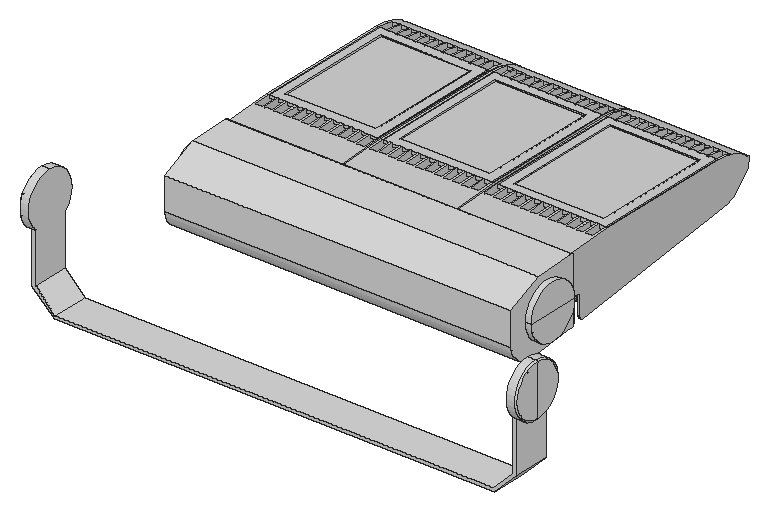
Revit family "0049127 Feilo Sylvania Lighting Fixture SYLVEO LED 30000LM NAR 3K", category Lighting Fixtures, host Face, Revit 2017
Family settings
  Host = Face
  Round Connector Dimension = Use Diameter
  Part Type = Normal
  OmniClass Number = 23.80.70.00
  OmniClass Title = Lighting
  Cut with Voids When Loaded = No
  Light Source = No
  Shared = Yes
  Room Calculation Point = No
Parameters (values of type "0049127 SYLVEO LED 30000LM NAR 3K")
  Weight = "15.872 kg"
  Wattage Comments = "n/a"
  WarrantyStartDate [instance] = "n/a"
  WarrantyGuarantorParts = "n/a"
  WarrantyDurationUnit = "n/a"
  WarrantyDurationParts = "n/a"
  WarrantyDescription = "n/a"
  Voltage = 230 V
  URL = "http://www.sylvania-lighting.com"
  TypeName = "SYLVEO LED 30000LM NAR 3K"
  TypeBody_FEILO = Sylveo Extra Large Body : 0049127 SYLVEO LED 30000LM NAR 3K
  Type Image = <None>
  Type Comments = "n/a"
  TotalWidth_FEILO = 648 mm
  TiltAngle_FEILO [instance] = 0.00°
  StartAngle_FEILO [instance] = -TiltAngle_FEILO  # 0.00°
  SerialNumber [instance] = "n/a"
  PowerFactor = 0
  PowerConsumption = "300.5 W"
  NominalWidth = 0 mm
  NominalLength = 648 mm
  NominalHeight = 392 mm
  Name = "SYLVEO LED 30000LM NAR 3K"
  ModelReference = "SYLVEO LED 30000LM NAR 3K"
  ModelNumber = "0049127"
  Material = "aluminium housing, glass diffuser"
  ManufacturerName = "Feilo Sylvania"
  LuminousEfficacy = "106.5 lm/W"
  LuminaireType = ""
  LightOutputRatio = "100"
  LampsType = Lamp  # "LED"
  LampNominalLuminous = "32003 lm"
  LampMacAdamStep = "6"
  LampColourTemperature = "3000 K"
  LampColourRenderingIndex = "70"
  InstallationDate [instance] = "n/a"
  InputVoltage = "100-240V~"
  InputNominalFrequency = "50 Hz"
  IngressProtection = "IP66"
  ImpactProtectionIndex = "IK08"
  IfcExportType = "IfcLightFixtureType"
  IfcExportAs = "IfcLightFixtureType"
  HingeHeight_FEILO = 121 mm
  HingeDia_FEILO = 70 mm
  ExpectedLife = 50000
  EndAngle_FEILO [instance] = StartAngle_FEILO + 180.00°  # 180.00°
  Material_3_FEILO = none
  Model = "SYLVEO LED 30000LM NAR 3K"
  Manufacturer = "Feilo Sylvania"
  Lamp = "LED"
  Keynote = "16500"
  Material_2_FEILO = none
  ElectricShockClassification = "Class I"
  DurationUnit = "hours"
  DocumentationLiterature = "http://www.sylvania-lighting.com/product/en-int/products/0049127"
  DimmingControlOptions = "Non dimmable"
  Description = "Exterior LED Floodlight, comes complete with a 1000mm cable and adjustable bracket, aluminium housing, clear glass diffuser, IP66, IK08, Class I, 3000K, Non-dimming, 32003lm, 301W, 107lm/W, 8400mA, CRI70, 30° beam angle,50000hrs, (LxWxD) 98x648x392mm"
  Default Elevation = 1219.2 mm
  CreatedOn = "12/18/2017"
  CreatedBy = ""
  Cost = 0
  built-in parameter 1114216 [instance] = (empty or 0)
  ClassificationValue = "EF_70_80"
  ClassificationName = "Uniclass2015"
  BracketWidth_FEILO = 48 mm
  BracketThickness_FEILO = 4.5 mm
  BracketInnerWidth_FEILO = 623 mm
  BracketFold_FEILO = 30 mm
  BracketExtrusionStart_FEILO = -BracketWidth_FEILO / 2  # -24 mm
  BracketExtrusionEnd_FEILO = BracketWidth_FEILO / 2  # 24 mm
  Material_1_FEILO = Body-Sylvania-Sylveo-Aluminium
  BarCode [instance] = "n/a"
  AssetType = "Fixed"
  AssetIdentifier [instance] = "n/a"
  Assembly Code = "D5020200"
  Apparent Load = 300.5 VA
  Material_4_FEILO = none
Reference planes
  plane 1 "Center (Front/Back)": y = 0
  plane 2: z = 0
  plane 3 "Center (Left/Right)": x = 0
  plane 4: x = 311.5
  plane 5: x = -311.5
  plane 6: z = 121
  plane 7: x = 324
  plane 8: x = -324
  plane 9: z = 156
  plane 10: z = 86
  plane 11: x = 322
  plane 12: x = -322
  plane 13: x = 316
  plane 14: x = -316
  plane 15: z = 4.5
  plane 16: z = 30
  plane 17: x = 286
  plane 18: x = -286
  plane 19: z = 88
Forms (mm)
  Extrusion 1, solid, material "Body-Sylvania-Sylveo-Aluminium" <- "Material_1_FEILO"
    sketch origin (0, 0, 0) x (1, 0, 0) y (0, 0, 1)
      loop
        line (0, 4.5) -> (0, 0) -> (286.828, 0) -> (316, 29.172) -> (316, 121) -> (311.5, 121) -> (311.5, 30) -> (286, 4.5) -> (0, 4.5)
    from -24 <- "BracketExtrusionStart_FEILO" to 24 <- "BracketExtrusionEnd_FEILO"
  Extrusion 2, solid, material "Body-Sylvania-Sylveo-Aluminium" <- "Material_1_FEILO"
    sketch origin (0, 0, 0) x (-1, 0, 0) y (0, 0, -1)
      loop
        line (0, -4.5) -> (286, -4.5) -> (311.5, -30) -> (311.5, -121) -> (316, -121) -> (316, -29.172) -> (286.828, 0) -> (0, 0) -> (0, -4.5)
    from -24 <- "BracketExtrusionStart_FEILO" to 24 <- "BracketExtrusionEnd_FEILO"
  Revolve 3, solid, material "Body-Sylvania-Sylveo-Aluminium" <- "Material_1_FEILO"
    sketch origin (0, 0, 0) x (1, 0, 0) y (0, 0, 1)
      loop
        line (-311.5, 121) -> (-324, 121) -> (-324, 88) -> (-322, 86) -> (-311.5, 86) -> (-311.5, 121)
      axis (-311.5, 121) -> (-324, 121)
    angle from 0 to 360
  Revolve 4, solid, material "Body-Sylvania-Sylveo-Aluminium" <- "Material_1_FEILO"
    sketch origin (0, 0, 0) x (-1, 0, 0) y (0, 0, 1)
      loop
        line (-311.5, 121) -> (-324, 121) -> (-324, 88) -> (-322, 86) -> (-311.5, 86) -> (-311.5, 121)
      axis (-311.5, 121) -> (-324, 121)
    angle from 0 to 360
  Revolve 5, solid, not visible
    sketch origin (181.107, 0, 121) x (1, 0, 0) y (0, 1, 0)
      loop
        line (-191.101, 0) -> (-171.112, 0) -> (-171.112, 10) -> (-191.101, 10) -> (-191.101, 0)
      axis (-171.112, 0) -> (-191.101, 0)
    angle from 0 <- "StartAngle_FEILO" to 180 <- "EndAngle_FEILO"
Cuts and joins
  joined: Extrusion 1, Extrusion 2, Revolve 3, Revolve 4
Dimensions and locks
  equal spacing: plane 5, plane 3 "Center (Left/Right)", plane 4
  "BracketInnerWidth_FEILO": plane 5 to plane 4
  equal spacing: plane 7, plane 3 "Center (Left/Right)", plane 8
  "TotalWidth_FEILO": plane 7 to plane 8
  "HingeHeight_FEILO": plane 2 to plane 6
  equal spacing: plane 10, plane 6, plane 9
  "HingeDia_FEILO": plane 10 to plane 9
  equal spacing: plane 11, plane 3 "Center (Left/Right)", plane 12
  equal spacing: plane 13, plane 3 "Center (Left/Right)", plane 14
  "BracketFold_FEILO": plane 2 to plane 16
  "BracketThickness_FEILO": plane 2 to plane 15
  equal spacing: plane 17, plane 3 "Center (Left/Right)", plane 18
  locked: plane 19 to plane 10 at 2
  locked: Revolve 5 sketch curve to Revolve 5 sketch curve at 10
  equal spacing: Revolve 5 sketch curve, plane 3 "Center (Left/Right)", Revolve 5 sketch curve
  locked: Revolve 5 sketch curve to Revolve 5 sketch curve at 19.988
  locked: plane 7 to plane 11 at 2
  "BracketFold_FEILO": plane 13 to plane 17
  "BracketThickness_FEILO": plane 4 to plane 13
  aligned and locked: plane 2 to host face
  aligned and locked: level to host face
  aligned and locked: plane 10 to Revolve 3 sketch curve
  aligned and locked: Revolve 3 sketch curve to plane 8
  aligned and locked: plane 5 to Revolve 3 sketch curve
  aligned and locked: Revolve 3 sketch curve to plane 6  (x2)
  aligned and locked: Revolve 5 sketch curve to plane 1 "Center (Front/Back)"
  aligned and locked: plane 3 "Center (Left/Right)" to nested 1
Automatic sketch dimensions
  host sketch curve to host sketch curve = 2438.4 mm  (x2)
  Extrusion 1 sketch curve to plane 3 "Center (Left/Right)" = 0 mm  (x2)
  Extrusion 1 sketch curve to level = 0 mm  (x2)
  Extrusion 1 sketch curve to plane 15 = 0 mm
  Extrusion 1 sketch curve to plane 17 = 0 mm
  plane 4 to Extrusion 1 sketch curve = 0 mm
  Extrusion 1 sketch curve to plane 13 = 0 mm  (x2)
  Extrusion 1 sketch curve to plane 6 = 0 mm  (x2)
  Extrusion 1 sketch curve to plane 16 = 0 mm
  plane 17 to Extrusion 1 sketch curve = 0.828 mm
  Extrusion 1 sketch curve to plane 16 = 0.828 mm
  Extrusion 2 sketch curve to plane 3 "Center (Left/Right)" = 0 mm  (x2)
  Extrusion 2 sketch curve to level = 0 mm  (x2)
  Extrusion 2 sketch curve to plane 15 = 0 mm
  plane 18 to Extrusion 2 sketch curve = 0 mm
  plane 5 to Extrusion 2 sketch curve = 0 mm
  plane 14 to Extrusion 2 sketch curve = 0 mm  (x2)
  Extrusion 2 sketch curve to plane 6 = 0 mm  (x2)
  Extrusion 2 sketch curve to plane 16 = 0 mm
  Extrusion 2 sketch curve to plane 18 = 0.828 mm
  plane 16 to Extrusion 2 sketch curve = 0.828 mm
  plane 12 to Revolve 3 sketch curve = 0 mm
  Revolve 3 sketch curve to plane 19 = 0 mm
  plane 8 to Revolve 3 sketch curve = 77.715 mm
  plane 7 to Revolve 3 sketch curve = 78.607 mm
  Revolve 4 sketch curve to plane 6 = 0 mm  (x2)
  Revolve 4 sketch curve to plane 7 = 0 mm
  Revolve 4 sketch curve to plane 10 = 0 mm
  Revolve 4 sketch curve to plane 11 = 0 mm
  plane 4 to Revolve 4 sketch curve = 0 mm
  Revolve 4 sketch curve to plane 19 = 0 mm
  Revolve 4 sketch curve to Revolve 4 sketch curve = 77.715 mm
  Revolve 4 sketch curve to plane 8 = 78.607 mm
  plane 1 "Center (Front/Back)" to Revolve 5 sketch curve = 0 mm
  plane 8 to Revolve 5 sketch curve = 1421.5 mm
  plane 7 to Revolve 5 sketch curve = 1421.5 mm
Nested families
  nested 1: "Sylveo Extra Large Body" at (0, 137.375, 121), type <- "TypeBody_FEILO", type "0049127 SYLVEO LED 30000LM NAR 3K"
    with Apparent Load 300.5 VA
Connectors
  electrical at (0, 0, 0), driven by "Apparent Load"
    settings: index 1, voltage 230 V, apparent load 300.5 VA, apparent load phase1 0 VA, apparent load phase2 0 VA, apparent load phase3 0 VA, power factor 0, load classification "Lighting", number of poles 1, system type 30, power factor state 1, is connector primary yes, connector utility no, sub classification motor no, connector description ""
Definition of nested family "Sylveo Extra Large Body"
  Parameters (values of type "0049147 SYLVEO LED 20000LM RASYM 4K DALI ")
    Weight = "11.516 kg"
    Wattage Comments = ""
    Wattage = 202 W
    WarrantyStartDate [instance] = "n/a"
    WarrantyGuarantorParts = "n/a"
    WarrantyDurationUnit = "n/a"
    WarrantyDurationParts = "n/a"
    WarrantyDescription = "n/a"
    built-in parameter 1150110 = 1 (stored number, unit not read)
    Voltage = 230 V
    URL = "http://www.feilosylvania.com"
    TypeName = "SYLVEO LED 20000LM RASYM 4K DALI"
    Type Image = (empty or 0)
    Type Comments = "n/a"
    built-in parameter 1114217 = 1 (stored number, unit not read)
    Tilt Angle = -90.00°
    built-in parameter 1150109 = 1 (stored number, unit not read)
    built-in parameter 1150134 = 12
    built-in parameter 1150113 = 1 (stored number, unit not read)
    SerialNumber [instance] = "n/a"
    Photometric Web File = "0049147.ies"
    Material_3_FEILO = none
    PowerFactor = 0.95
    PowerConsumption = "202 W"
    NominalLength = 98 mm
    NominalHeight = 392 mm
    NominalDepth = 496 mm
    Name = "SYLVEO LED 20000LM RASYM 4K DALI"
    ModelReference = Name  # "SYLVEO LED 20000LM RASYM 4K DALI"
    ModelNumber = "0049147"
    Model = Name  # "SYLVEO LED 20000LM RASYM 4K DALI"
    Material = "aluminum housing, glass diffuser"
    ManufacturerName = "Feilo Sylvania"
    Manufacturer = "Feilo Sylvania"
    LuminousEfficacy = "106.6 lm/W"
    built-in parameter 1150105 = 11127.1 (stored number, unit not read)
    Lumens = 21533.2 lm
    LuminaireType = ""
    built-in parameter 1150115 = 1 (stored number, unit not read)
    LightOutputRatio = "1"
    built-in parameter 1150137 = (empty or 0)
    built-in parameter 1150139 = (empty or 0)
    LampsType = Lamp  # "LED"
    LampNominalLuminous = "21542 lm"
    LampMacAdamStep = "6"
    LampColourTemperature = "4000 K"
    LampColourRenderingIndex = "70"
    built-in parameter 1150112 = 1 (stored number, unit not read)
    built-in parameter 1150114 = 1 (stored number, unit not read)
    Lamp = "LED"
    Keynote = "16500"
    InstallationDate [instance] = "n/a"
    InputVoltage = "100-240V~"
    InputNominalFrequency = "50/60 Hz"
    built-in parameter 1150132 = (empty or 0)
    built-in parameter 1150102 = (empty or 0)
    built-in parameter 1150107 = 4000 (stored number, unit not read)
    built-in parameter 1150138 = (empty or 0)
    IngressProtection = "IP66"
    ImpactProtectionIndex = "IK08"
    built-in parameter 1150106 = 111.27 (stored number, unit not read)
    IfcExportType = "IfcLightFixtureType"
    IfcExportAs = "IfcLightFixtureType"
    ExpectedLife = 50000
    Emit from Rectangle Width = 156 mm
    Emit from Rectangle Length = 415.5 mm
    Emit Shape Visible in Rendering = no
    ElectricShockClassification = "Class I"
    built-in parameter 1150104 = 9.9035 (stored number, unit not read)
    DurationUnit = "hours"
    DocumentationLiterature = "http://www.feilosylvania.com/product/en-int/products/0049147"
    DimmingControlOptions = "Dimmable"
    Material_2_FEILO = none
    Dimming Lamp Color Temperature Shift = (empty or 0)
    Description = "Exterior LED floodlight, comes complete with a 1000mm cable and adjustable bracket, aluminium housing, clear glass diffuser, 21542lm, 201W, 107lm/W, 4000K, 5002mA, CRI70, 52°x117° beam angle, DALI dimmable, IP66, IK08, Class I, 50000hrs, (LxWxD) 98x496x392mm"
    Default Elevation = 1219.2 mm
    CreatedOn = "1/9/2018"
    CreatedBy = "aron.fodor@feilosylvania.com"
    Cost = 0
    Color Filter = 16777215
    built-in parameter 1114216 [instance] = (empty or 0)
    ClassificationValue = "EF_70_80"
    ClassificationName = "Uniclass2015"
    Material_1_FEILO = none
    BarCode [instance] = "n/a"
    built-in parameter 1114218 = 1 (stored number, unit not read)
    built-in parameter 1150133 = 10 (stored number, unit not read)
    AssetType = "Fixed"
    AssetIdentifier [instance] = "n/a"
    Assembly Code = "D5020200"
    Apparent Load = 202 VA
    Material_4_FEILO = none
  Types (9, lengths in mm): name | Weight | Wattage | TypeName | built-in parameter 1150134 | Photometric Web File | PowerFactor | PowerConsumption | NominalLength | NominalDepth | Name | ModelReference | ModelNumber | Model | Material | LuminousEfficacy | built-in parameter 1150105 | Lumens | LightOutputRatio | LampNominalLuminous | LampColourTemperature | InputNominalFrequency | built-in parameter 1150107 | built-in parameter 1150106 | built-in parameter 1150104 | DocumentationLiterature | DimmingControlOptions | Description | Apparent Load
    0049147 SYLVEO LED 20000LM RASYM 4K DALI | "11.516 kg" | 202 W | "SYLVEO LED 20000LM RASYM 4K DALI" | 12 | "0049147.ies" | 0.95 | "202 W" | 98 | 496 | "SYLVEO LED 20000LM RASYM 4K DALI" | "SYLVEO LED 20000LM RASYM 4K DALI" | "0049147" | "SYLVEO LED 20000LM RASYM 4K DALI" | "aluminum housing, glass diffuser" | "106.6 lm/W" | 11127.1 (stored number, unit not read) | 21533.2 lm | "1" | "21542 lm" | "4000 K" | "50/60 Hz" | 4000 (stored number, unit not read) | 111.27 (stored number, unit not read) | 9.9035 (stored number, unit not read) | "http://www.feilosylvania.com/product/en-int/products/0049147" | "Dimmable" | "Exterior LED floodlight, comes complete with a 1000mm cable and adjustable bracket, aluminium housing, clear glass diffuser, 21542lm, 201W, 107lm/W, 4000K, 5002mA, CRI70, 52°x117° beam angle, DALI dimmable, IP66, IK08, Class I, 50000hrs, (LxWxD) 98x496x392mm" | 202 VA
    0049146 SYLVEO LED 20000LM WIDE 4K DALI | "11.516 kg" | 200 W | "SYLVEO LED 20000LM WIDE 4K DALI" | 12 | "0049146.ies" | 0.95 | "200 W" | 98 | 496 | "SYLVEO LED 20000LM WIDE 4K DALI" | "SYLVEO LED 20000LM WIDE 4K DALI" | "0049146" | "SYLVEO LED 20000LM WIDE 4K DALI" | "aluminum housing, glass diffuser" | "106.4 lm/W" | 25856.7 (stored number, unit not read) | 21280 lm | "1" | "21281 lm" | "4000 K" | "50/60 Hz" | 4000 (stored number, unit not read) | 258.57 (stored number, unit not read) | 9.8849 (stored number, unit not read) | "http://www.feilosylvania.com/product/en-int/products/0049146" | "Dimmable" | "Exterior LED floodlight, comes complete with a 1000mm cable and adjustable bracket, aluminium housing, clear glass diffuser, 21281lm, 200W, 106lm/W, 4000K, 5002mA, CRI70, 52° beam angle, DALI dimmable, IP66, IK08, Class I, 50000hrs, (LxWxD) 98x496x392mm" | 200 VA
    0049145 SYLVEO LED 20000LM NAR 4K DALI | "11.516 kg" | 201 W | "SYLVEO LED 20000LM NAR 4K DALI" | 12 | "0049145.ies" | 0.95 | "201 W" | 98 | 496 | "SYLVEO LED 20000LM NAR 4K DALI" | "SYLVEO LED 20000LM NAR 4K DALI" | "0049145" | "SYLVEO LED 20000LM NAR 4K DALI" | "aluminum housing, glass diffuser" | "107.5 lm/W" | 50417.9 (stored number, unit not read) | 21607.5 lm | "1" | "21605 lm" | "4000 K" | "50/60 Hz" | 4000 (stored number, unit not read) | 504.18 (stored number, unit not read) | 9.9871 (stored number, unit not read) | "http://www.feilosylvania.com/product/en-int/products/0049145" | "Dimmable" | "Exterior LED floodlight, comes complete with a 1000mm cable and adjustable bracket, aluminium housing, clear glass diffuser, 21605lm, 201W, 108lm/W, 4000K, 5002mA, CRI70, 30° beam angle, DALI dimmable, IP66, IK08, Class I, 50000hrs, (LxWxD) 98x496x392mm" | 201 VA
    0049123 SYLVEO LED 20000LM RASYM 3K | "11.516 kg" | 201.3 W | "SYLVEO LED 20000LM RASYM 3K" | (empty or 0) | "0049123.ies" | 0 | "201.3 W" | 496 | 98 | "SYLVEO LED 20000LM RASYM 3K" | "SYLVEO LED 20000LM RASYM 3K" | "0049123" | "SYLVEO LED 20000LM RASYM 3K" | "aluminium housing, glass diffuser" | "102.5 lm/W" | 10660.6 (stored number, unit not read) | 20633.3 lm | "100" | "20639 lm" | "3000 K" | "50 Hz" | 3000 (stored number, unit not read) | 106.61 (stored number, unit not read) | 9.5226 (stored number, unit not read) | "http://www.feilosylvania.com/product/en-int/products/0049123" | "Non dimmable" | "Exterior LED Floodlight, comes complete with a 1000mm cable and adjustable bracket, aluminium housing, clear glass diffuser, IP66, IK08, Class I, 3000K, Non-dimming, 20639lm, 201W, 103lm/W, 4800mA, CRI70, 52°x117° beam angle, 50000hrs, (LxWxD) 98x496x392mm, Asmmetric" | 201.3 VA
    0049122 SYLVEO LED 20000LM WIDE 3K | "11.5 kg" | 201.3 W | "SYLVEO LED 20000LM WIDE 3K" | (empty or 0) | "0049122.ies" | 0 | "201.3 W" | 496 | 98 | "SYLVEO LED 20000LM WIDE 3K" | "SYLVEO LED 20000LM WIDE 3K" | "0049122" | "SYLVEO LED 20000LM WIDE 3K" | "aluminium housing, glass diffuser" | "102.5 lm/W" | 25192 (stored number, unit not read) | 20633.3 lm | "100" | "20633 lm" | "3000 K" | "50 Hz" | 3000 (stored number, unit not read) | 251.92 (stored number, unit not read) | 9.5226 (stored number, unit not read) | "http://www.feilosylvania.com/product/en-int/products/0049122" | "Non dimmable" | "Exterior LED Floodlight, comes complete with a 1000mm cable and adjustable bracket, aluminium housing, clear glass diffuser, IP66, IK08, Class I, 3000K, Non-dimming, 20633lm, 201W, 103lm/W, 4800mA, CRI70, 52° beam angle, 50000hrs, (LxWxD) 98x496x392mm" | 201.3 VA
    0049121 SYLVEO LED 20000LM NAR 3K | "11.552 kg" | 200.6 W | "SYLVEO LED 20000LM NAR 3K" | (empty or 0) | "0049121.ies" | 0 | "200.6 W" | 496 | 98 | "SYLVEO LED 20000LM NAR 3K" | "SYLVEO LED 20000LM NAR 3K" | "0049121" | "SYLVEO LED 20000LM NAR 3K" | "aluminium housing, glass diffuser" | "103.9 lm/W" | 50639 (stored number, unit not read) | 20842.3 lm | "100" | "20834 lm" | "3000 K" | "50 Hz" | 3000 (stored number, unit not read) | 506.39 (stored number, unit not read) | 9.6526 (stored number, unit not read) | "http://www.feilosylvania.com/product/en-int/products/0049121" | "Non dimmable" | "Exterior LED Floodlight, comes complete with a 1000mm cable and adjustable bracket, aluminium housing, clear glass diffuser, IP66, IK08, Class I, 3000K, Non-dimming, 20834lm, 201W, 104lm/W, 4800mA, CRI70, 30° beam angle, 50000hrs, (LxWxD) 98x496x392mm" | 200.6 VA
    0049120 SYLVEO LED 20000LM RASYM 4K | "11.318 kg" | 200.6 W | "SYLVEO LED 20000LM RASYM 4K" | 12 | "0049120.ies" | 0 | "200.6 W" | 496 | 98 | "SYLVEO LED 20000LM RASYM 4K" | "SYLVEO LED 20000LM RASYM 4K" | "0049120" | "SYLVEO LED 20000LM RASYM 4K" | "aluminium housing, glass diffuser" | "107.4 lm/W" | 11131.4 (stored number, unit not read) | 21544.4 lm | "100" | "21546 lm" | "4000 K" | "50 Hz" | 4000 (stored number, unit not read) | 111.31 (stored number, unit not read) | 9.9778 (stored number, unit not read) | "http://www.feilosylvania.com/product/en-int/products/0049120" | "Non dimmable" | "Exterior LED Floodlight, comes complete with a 1000mm cable and adjustable bracket, aluminium housing, clear glass diffuser, IP66, IK08, Class I, 4000K, Non-dimming, 21546lm, 201W, 107lm/W, 4800mA, CRI70, 52°x117° beam angle, 50000hrs, (LxWxD) 98x496x392mm" | 200.6 VA
    0049119 SYLVEO LED 20000LM WIDE 4K | "11.472 kg" | 200.5 W | "SYLVEO LED 20000LM WIDE 4K" | 12 | "0049119.ies" | 0 | "200.5 W" | 496 | 98 | "SYLVEO LED 20000LM WIDE 4K" | "SYLVEO LED 20000LM WIDE 4K" | "0049119" | "SYLVEO LED 20000LM WIDE 4K" | "aluminium housing, glass diffuser" | "107.3 lm/W" | 27146.8 (stored number, unit not read) | 21513.6 lm | "100" | "21514 lm" | "4000 K" | "50 Hz" | 4000 (stored number, unit not read) | 271.47 (stored number, unit not read) | 9.9685 (stored number, unit not read) | "http://www.feilosylvania.com/product/en-int/products/0049119" | "Non dimmable" | "Exterior LED Floodlight, comes complete with a 1000mm cable and adjustable bracket, aluminium housing, clear glass diffuser, IP66, IK08, Class I, 4000K, Non-dimming, 21514lm, 201W, 107lm/W, 4800mA, CRI70, 52° beam angle, 50000hrs, (LxWxD) 98x496x392mm" | 200.5 VA
    0049118 SYLVEO LED 20000LM NAR 4K | "11.496 kg" | 201.2 W | "SYLVEO LED 20000LM NAR 4K" | 12 | "0049118.ies" | 0 | "201.2 W" | 496 | 98 | "SYLVEO LED 20000LM NAR 4K" | "SYLVEO LED 20000LM NAR 4K" | "0049118" | "SYLVEO LED 20000LM NAR 4K" | "aluminium housing, glass diffuser" | "107.4 lm/W" | 52850.4 (stored number, unit not read) | 21608.9 lm | "100" | "21609 lm" | "4000 K" | "50 Hz" | 4000 (stored number, unit not read) | 528.5 (stored number, unit not read) | 9.9778 (stored number, unit not read) | "http://www.feilosylvania.com/product/en-int/products/0049118" | "Non dimmable" | "Exterior LED Floodlight, comes complete with a 1000mm cable and adjustable bracket, aluminium housing, clear glass diffuser, IP66, IK08, Class I, 4000K, Non-dimming, 21609lm, 201W, 107lm/W, 4000K, 4800mA, CRI70, 30° beam angle, 50000hrs, (LxWxD) 98x496x392mm" | 201.2 VA
  Reference planes
    plane 1 "Center (Front/Back)": y = 0
    plane 2: z = 0
    plane 3 "Center (Left/Right)": x = 0
    plane 4: x = 248
    plane 5: x = -248
    plane 6: x = 225.5
    plane 7: x = -225.5
    plane 8: y = 35
    plane 9: x = -234
    plane 10: x = 234
    plane 11: y = 43
    plane 12: y = -12
    plane 13: y = -58
    plane 14: z = 46
    plane 15: z = 43
    plane 16: z = 23
    plane 17: z = -20
    plane 18: y = -23
    plane 19: z = -40
    plane 20: z = -47
    plane 21: x = -149
    plane 22: x = 149
  Forms (mm)
    Extrusion 1, solid
      sketch origin (4.2, 0, 0) x (1, 0, 0) y (0, 1, 0)
        loop
          line (-1219.2, 1219.2) -> (-1219.2, -1219.2) -> (1219.2, -1219.2) -> (1219.2, 1219.2) -> (-1219.2, 1219.2)
      from 0 to -68.017
    Extrusion 2, solid, material <- "Material_1_FEILO"
      sketch origin (0, 0, 0) x (0, 1, 0) y (0, 0, 1)
        loop
          line (41.418, 45.914) -> (-12, 43)
          arc (-12, 43) -> (-35.432, 33.994) -> (-58, 23) r 290.694
          line (-58, 23) -> (-58, -20)
          arc (-58, -20) -> (-45.914, -40.518) -> (-23, -47) r 31.99
          line (-23, -47) -> (40.738, -40.24)
          arc (40.738, -40.24) -> (42.351, -39.416) -> (43, -37.725) r 2.529
          line (43, -37.725) -> (43, 44.416)
          arc (43, 44.416) -> (42.531, 45.505) -> (41.418, 45.914) r 1.5
      from -225.5 to 225.5
    Revolve 3, solid, material <- "Material_1_FEILO"
      sketch origin (0, 0, 0) x (1, 0, 0) y (0, 1, 0)
        loop
          line (-234, 35) -> (-234, 0) -> (-225.5, 0) -> (-225.5, 35) -> (-234, 35)
        loop
          line (234, 0) -> (234, 35) -> (225.5, 35) -> (225.5, 0) -> (234, 0)
        axis (234, 0) -> (-234, 0)
      angle from 360 to 0
  Cuts and joins
    joined: Extrusion 2, Revolve 3
  Dimensions and locks
    equal spacing: plane 5, plane 3 "Center (Left/Right)", plane 4
    locked: plane 5 to plane 4 at 496
    equal spacing: plane 7, plane 3 "Center (Left/Right)", plane 6
    locked: plane 5 to plane 7 at 22.5
    plane 1 "Center (Front/Back)" to plane 8 = 35 mm
    equal spacing: plane 9, plane 3 "Center (Left/Right)", plane 10
    locked: plane 9 to plane 10 at 468
    plane 13 to plane 18 to plane 12 to plane 1 "Center (Front/Back)" to plane 8 to plane 11 = 35 mm locked, 11 mm locked, 12 mm locked, 35 mm locked, 8 mm locked
    plane 14 to plane 15 to plane 16 to plane 2 to plane 17 to plane 19 = 3 mm locked, 20 mm locked, 23 mm locked, 20 mm locked, 20 mm locked
    locked: plane 20 to plane 19 at 7
    equal spacing: plane 21, plane 3 "Center (Left/Right)", plane 22
    locked: plane 21 to plane 3 "Center (Left/Right)" at 149
    aligned and locked: plane 2 to Extrusion 1
    aligned and locked: level to Extrusion 1
    aligned and locked: Extrusion 2 sketch curve to plane 11
    aligned and locked: plane 13 to Extrusion 2 sketch curve
    aligned and locked: plane 6 to Extrusion 2
    aligned and locked: Extrusion 2 to plane 7
    aligned and locked: plane 8 to Revolve 3 sketch curve  (x2)
    aligned and locked: plane 9 to Revolve 3 sketch curve
    aligned and locked: Revolve 3 sketch curve to plane 1 "Center (Front/Back)"  (x3)
    aligned and locked: Revolve 3 sketch curve to plane 7
    aligned and locked: Revolve 3 sketch curve to plane 10
    aligned and locked: plane 6 to Revolve 3 sketch curve
    aligned and locked: plane 2 to nested 1
    aligned and locked: plane 3 "Center (Left/Right)" to nested 1
    aligned and locked: plane 21 to nested 3
    aligned and locked: plane 22 to nested 2
    aligned and locked: plane 2 to nested 2
    aligned and locked: plane 2 to nested 3
    aligned and locked: imposter light to nested 2
    aligned and locked: imposter light to nested 1
    aligned and locked: imposter light to plane 3 "Center (Left/Right)"
  Automatic sketch dimensions
    Extrusion 1 sketch curve to Extrusion 1 sketch curve = 2438.4 mm  (x2)
    Extrusion 2 sketch curve to plane 18 = 0 mm
    Extrusion 2 sketch curve to plane 12 = 0 mm
    plane 20 to Extrusion 2 sketch curve = 0 mm
    plane 17 to Extrusion 2 sketch curve = 0 mm
    plane 16 to Extrusion 2 sketch curve = 0 mm
    plane 15 to Extrusion 2 sketch curve = 0 mm
    plane 18 to Extrusion 2 sketch curve = 3.374 mm
    Extrusion 2 sketch curve to Extrusion 2 sketch curve = 2.529 mm
    plane 19 to Extrusion 2 sketch curve = 0.24 mm
    plane 11 to Extrusion 2 sketch curve = 2.262 mm
    plane 14 to Extrusion 2 sketch curve = 0.086 mm
    plane 11 to Extrusion 2 sketch curve = 1.582 mm
    Extrusion 2 sketch curve to plane 15 = 1.416 mm
    Extrusion 2 sketch curve to plane 11 = 37.475 mm
    Revolve 3 sketch curve to plane 5 = 1276 mm
    plane 4 to Revolve 3 sketch curve = 1276 mm
  Nested families
    nested 1: "Sylveo Extra Large Screen Module" at (0, 43, 48) x (1, 0, 0) z (0, 1, 0), type "Type Name"
    nested 2: "Sylveo Extra Large Screen Module" at (149, 43, 48) x (1, 0, 0) z (0, 1, 0), type "Type Name"
    nested 3: "Sylveo Extra Large Screen Module" at (-149, 43, 48) x (1, 0, 0) z (0, 1, 0), type "Type Name"
  Definition of nested family "Sylveo Extra Large Screen Module"
    Parameters (values of type "Type Name")
      URL = "http://www.feilosylvania.com"
      Type Image = (empty or 0)
      Type Comments = "n/a"
      Material_3_FEILO = none
      Model = ""
      Manufacturer = "Feilo Sylvania"
      Keynote = ""
      Material_2_FEILO = none
      Description = ""
      Default Elevation = 1219.2 mm
      Cost = 0
      Material_1_FEILO = none
      Assembly Code = ""
      Material_4_FEILO = none
    Reference planes
      plane 1 "Center (Front/Back)": y = 0
      plane 2: z = 0
      plane 3 "Center (Left/Right)": x = 0
      plane 4: x = 73.5
      plane 5: x = -73.5
      plane 6: z = 290
      plane 7: z = 262.5
      plane 8: z = 241.5
      plane 9: z = 229.5
      plane 10: x = -71
      plane 11: x = 71
      plane 12: x = -59
      plane 13: x = 59
      plane 14: z = 61.5
      plane 15: z = 73.5
      plane 16: y = 16
      plane 17: y = 31
      plane 18: y = 56
      plane 19: y = 88
      plane 20: z = 16
      plane 21: z = 6
      plane 22: y = 4
      plane 23: x = -61.5
      plane 24: x = -49.5
      plane 25: x = -47
      plane 26: x = -37.5
      plane 27: x = -35
      plane 28: x = -25.5
      plane 29: x = -23
      plane 30: x = -13.5
      plane 31: x = -11
      plane 32: x = -1.5
      plane 33: x = 1
      plane 34: x = 10.5
      plane 35: x = 13
      plane 36: x = 22.5
      plane 37: x = 25
      plane 38: x = 34.5
      plane 39: x = 37
      plane 40: x = 46.5
      plane 41: x = 49
      plane 42: x = 58.5
      plane 43: x = 61
      plane 44: z = 40.5
      plane 45: y = 92
      plane 46: y = 48
      plane 47: z = 30.5
      plane 48: y = 1
      plane 49: z = 151.5
    Forms (mm)
      Extrusion 1, solid
        sketch origin (4.2, 0, 0) x (1, 0, 0) y (0, 1, 0)
          loop
            line (-1219.2, 1219.2) -> (-1219.2, -1219.2) -> (1219.2, -1219.2) -> (1219.2, 1219.2) -> (-1219.2, 1219.2)
        from 0 to -68.017
      Extrusion 2, solid, material <- "Material_1_FEILO", detail levels medium+fine
        sketch origin (0, 0, 0) x (0, 1, 0) y (0, 0, 1)
          loop
            line (0, 241.5) -> (0, 61.5) -> (4, 0) -> (88, 0) -> (88, 5)
            arc (88, 5) -> (87.707, 5.707) -> (87, 6) r 1
            line (87, 6) -> (58, 6)
            arc (58, 6) -> (56.586, 6.586) -> (56, 8) r 2
            line (56, 8) -> (56, 14)
            arc (56, 14) -> (56.586, 15.414) -> (58, 16) r 2
            line (58, 16) -> (82.836, 16)
            arc (82.836, 16) -> (86.711, 17.379) -> (88.136, 21.237) r 4.853
            arc (88.136, 21.237) -> (75.429, 138.984) -> (57.18, 256.001) r 2509.59
            arc (57.18, 256.001) -> (55.179, 262.077) -> (51.577, 267.365) r 22.945
            line (51.577, 267.365) -> (31, 290) -> (16, 290)
            arc (16, 290) -> (4.103, 267.036) -> (0, 241.5) r 81.508
        from -73.5 to 73.5
      Extrusion 3, void
        sketch origin (0, 0, 0) x (1, 0, 0) y (0, 0, 1)
          loop
            line (-71, 262.5) -> (-71, 40.5) -> (-61.5, 40.5) -> (-61.5, 262.5) -> (-71, 262.5)
          loop
            line (-59, 262.5) -> (-59, 40.5) -> (-49.5, 40.5) -> (-49.5, 262.5) -> (-59, 262.5)
          loop
            line (-47, 262.5) -> (-47, 40.5) -> (-37.5, 40.5) -> (-37.5, 262.5) -> (-47, 262.5)
          loop
            line (-35, 262.5) -> (-35, 40.5) -> (-25.5, 40.5) -> (-25.5, 262.5) -> (-35, 262.5)
          loop
            line (-23, 262.5) -> (-23, 40.5) -> (-13.5, 40.5) -> (-13.5, 262.5) -> (-23, 262.5)
          loop
            line (-11, 262.5) -> (-11, 40.5) -> (-1.5, 40.5) -> (-1.5, 262.5) -> (-11, 262.5)
          loop
            line (1, 262.5) -> (1, 40.5) -> (10.5, 40.5) -> (10.5, 262.5) -> (1, 262.5)
          loop
            line (13, 262.5) -> (13, 40.5) -> (22.5, 40.5) -> (22.5, 262.5) -> (13, 262.5)
          loop
            line (25, 262.5) -> (25, 40.5) -> (34.5, 40.5) -> (34.5, 262.5) -> (25, 262.5)
          loop
            line (37, 262.5) -> (37, 40.5) -> (46.5, 40.5) -> (46.5, 262.5) -> (37, 262.5)
          loop
            line (49, 262.5) -> (49, 40.5) -> (58.5, 40.5) -> (58.5, 262.5) -> (49, 262.5)
          loop
            line (61, 262.5) -> (61, 40.5) -> (71, 40.5) -> (71, 262.5) -> (61, 262.5)
        from -88 to 0
      Extrusion 4, void
        sketch origin (0, 0, 0) x (0, 1, 0) y (0, 0, 1)
          loop
            line (83.385, 40.5) -> (48, 40.5) -> (48, 6) -> (92, 6) -> (92, 43.121) -> (85.747, 43.121)
            arc (85.747, 43.121) -> (85.149, 41.285) -> (83.385, 40.5) r 2.374
        from -71 to 71
      Extrusion 5, solid, material <- "Material_1_FEILO", detail levels coarse
        sketch origin (0, 0, 0) x (0, 1, 0) y (0, 0, 1)
          loop
            line (51.577, 267.365) -> (31, 290) -> (16, 290)
            arc (16, 290) -> (4.103, 267.036) -> (0, 241.5) r 81.508
            line (0, 241.5) -> (0, 61.5) -> (4, 0) -> (88, 0) -> (88, 5)
            arc (88, 5) -> (87.707, 5.707) -> (87, 6) r 1
            line (87, 6) -> (58, 6)
            arc (58, 6) -> (56.586, 6.586) -> (56, 8) r 2
            line (56, 8) -> (56, 14)
            arc (56, 14) -> (56.586, 15.414) -> (58, 16) r 2
            line (58, 16) -> (82.836, 16)
            arc (82.836, 16) -> (86.711, 17.379) -> (88.136, 21.237) r 4.853
            arc (88.136, 21.237) -> (75.429, 138.984) -> (57.18, 256.001) r 2509.59
            arc (57.18, 256.001) -> (55.179, 262.077) -> (51.577, 267.365) r 22.945
        from -73.5 to 73.5
      Extrusion 6, void
        sketch origin (0, 0, 0) x (1, 0, 0) y (0, 0, 1)
          loop
            line (-71, 241.5) -> (-71, 61.5) -> (71, 61.5) -> (71, 241.5) -> (-71, 241.5)
        from 0 to -4
      Extrusion 7, solid, material <- "Material_1_FEILO"
        sketch origin (0, 0, 0) x (1, 0, 0) y (0, 0, 1)
          loop
            line (-71, 241.5) -> (-71, 61.5) -> (71, 61.5) -> (71, 241.5) -> (-71, 241.5)
          loop
            line (-59, 229.5) -> (-59, 73.5) -> (58.5, 73.5) -> (58.5, 229.5) -> (-59, 229.5)
        from -4 to 0
      Extrusion 8, solid, material <- "Material_2_FEILO"
        sketch origin (0, 0, 0) x (1, 0, 0) y (0, 0, 1)
          loop
            line (-59, 229.5) -> (-59, 73.5) -> (58.5, 73.5) -> (58.5, 229.5) -> (-59, 229.5)
        from -1 to -4
    Cuts and joins
      Extrusion 3, Extrusion 4, Extrusion 6 cuts Extrusion 2
      Extrusion 4, Extrusion 6 cuts Extrusion 5
    Dimensions and locks
      plane 1 "Center (Front/Back)" to plane 16 to plane 17 to plane 18 to plane 19 = 16 mm locked, 15 mm locked, 25 mm locked, 32 mm locked
      plane 7 to plane 8 to plane 9 to plane 15 to plane 14 to plane 20 to plane 21 to plane 2 = 21 mm locked, 12 mm locked, 156 mm locked, 12 mm locked, 45.5 mm locked, 10 mm locked, 6 mm locked
      locked: plane 1 "Center (Front/Back)" to plane 22 at 4
      equal spacing: plane 4, plane 3 "Center (Left/Right)", plane 5
      locked: plane 4 to plane 5 at 147
      plane 11 to plane 43 to plane 42 to plane 41 to plane 40 to plane 39 to plane 38 to plane 37 to plane 36 to plane 35 to plane 34 to plane 33 to plane 32 to plane 31 to plane 30 to plane 29 to plane 28 to plane 27 to plane 26 to plane 25 to plane 24 to plane 12 to plane 23 to plane 10 to plane 5 = 10 mm locked, 2.5 mm locked, 9.5 mm locked, 2.5 mm locked, 9.5 mm locked, 2.5 mm locked, 9.5 mm locked, 2.5 mm locked, 9.5 mm locked, 2.5 mm locked, 9.5 mm locked, 2.5 mm locked, 9.5 mm locked, 2.5 mm locked, 9.5 mm locked, 2.5 mm locked, 9.5 mm locked, 2.5 mm locked, 9.5 mm locked, 2.5 mm locked, 9.5 mm locked, 2.5 mm locked, 9.5 mm locked, 2.5 mm locked
      plane 6 to plane 2 = 290 mm
      plane 6 to plane 7 = 27.5 mm
      plane 7 to plane 8 = 21 mm
      plane 8 to plane 9 = 12 mm
      plane 8 to plane 14 = 180 mm
      plane 15 to plane 14 = 12 mm
      locked: plane 14 to plane 44 at 21
      locked: plane 19 to plane 45 at 4
      locked: plane 46 to plane 18 at 8
      locked: plane 20 to plane 47 at 14.5
      locked: plane 1 "Center (Front/Back)" to plane 48 at 1
      equal spacing: plane 9, plane 49, plane 15
      aligned and locked: plane 2 to Extrusion 1
      aligned and locked: level to Extrusion 1
      aligned and locked: plane 1 "Center (Front/Back)" to Extrusion 2 sketch curve  (x2)
      aligned and locked: plane 16 to Extrusion 2 sketch curve
      aligned and locked: plane 6 to Extrusion 2 sketch curve  (x2)
      aligned and locked: plane 17 to Extrusion 2 sketch curve
      aligned and locked: plane 20 to Extrusion 2 sketch curve
      aligned and locked: Extrusion 2 sketch curve to plane 18
      aligned and locked: Extrusion 2 sketch curve to plane 21
      aligned and locked: Extrusion 2 sketch curve to plane 19
      aligned and locked: Extrusion 2 sketch curve to plane 2
      aligned and locked: plane 22 to Extrusion 2 sketch curve
      aligned and locked: plane 14 to Extrusion 2 sketch curve
      aligned and locked: Extrusion 2 to plane 5
      aligned and locked: plane 7 to Extrusion 3 sketch curve  (x12)
      aligned and locked: plane 10 to Extrusion 3 sketch curve
      aligned and locked: Extrusion 3 sketch curve to plane 44  (x12)
      aligned and locked: Extrusion 3 sketch curve to plane 23
      aligned and locked: plane 12 to Extrusion 3 sketch curve
      aligned and locked: Extrusion 3 sketch curve to plane 24
      aligned and locked: plane 25 to Extrusion 3 sketch curve
      aligned and locked: Extrusion 3 sketch curve to plane 26
      aligned and locked: plane 27 to Extrusion 3 sketch curve
      aligned and locked: Extrusion 3 sketch curve to plane 28
      aligned and locked: plane 29 to Extrusion 3 sketch curve
      aligned and locked: Extrusion 3 sketch curve to plane 30
      aligned and locked: plane 31 to Extrusion 3 sketch curve
      aligned and locked: Extrusion 3 sketch curve to plane 32
      aligned and locked: Extrusion 3 sketch curve to plane 34
      aligned and locked: plane 33 to Extrusion 3 sketch curve
      aligned and locked: plane 35 to Extrusion 3 sketch curve
      aligned and locked: Extrusion 3 sketch curve to plane 36
      aligned and locked: plane 37 to Extrusion 3 sketch curve
      aligned and locked: Extrusion 3 sketch curve to plane 38
      aligned and locked: plane 39 to Extrusion 3 sketch curve
      aligned and locked: Extrusion 3 sketch curve to plane 40
      aligned and locked: plane 41 to Extrusion 3 sketch curve
      aligned and locked: Extrusion 3 sketch curve to plane 42
      aligned and locked: plane 43 to Extrusion 3 sketch curve
      aligned and locked: Extrusion 3 sketch curve to plane 11
      aligned and locked: Extrusion 3 to plane 19
      aligned and locked: plane 1 "Center (Front/Back)" to Extrusion 3
      aligned and locked: Extrusion 4 sketch curve to plane 44
      aligned and locked: plane 21 to Extrusion 4 sketch curve
      aligned and locked: Extrusion 4 sketch curve to plane 45
      aligned and locked: Extrusion 4 to plane 10
      aligned and locked: plane 11 to Extrusion 4
      aligned and locked: plane 46 to Extrusion 4 sketch curve
      aligned and locked: Extrusion 5 sketch curve to cut or joined group of Extrusion 2, Extrusion 3, Extrusion 4, Extrusion 6  (x9)
      aligned and locked: plane 4 to Extrusion 5
      aligned and locked: Extrusion 5 to plane 5
      aligned and locked: Extrusion 6 to plane 22
      aligned and locked: plane 1 "Center (Front/Back)" to Extrusion 6
      aligned and locked: Extrusion 7 sketch curve to cut or joined group of Extrusion 4, Extrusion 5, Extrusion 6  (x2)
      aligned and locked: Extrusion 7 sketch curve to cut or joined group of Extrusion 2, Extrusion 3, Extrusion 4, Extrusion 6  (x2)
      aligned and locked: plane 9 to Extrusion 7 sketch curve
      aligned and locked: Extrusion 7 sketch curve to plane 15
      aligned and locked: Extrusion 7 sketch curve to plane 42
      aligned and locked: plane 1 "Center (Front/Back)" to Extrusion 7
      aligned and locked: Extrusion 7 to plane 22
      aligned and locked: Extrusion 8 sketch curve to Extrusion 7  (x4)
      aligned and locked: Extrusion 8 to plane 22
      aligned and locked: plane 48 to Extrusion 8
    Automatic sketch dimensions
      Extrusion 1 sketch curve to Extrusion 1 sketch curve = 2438.4 mm  (x2)
      plane 8 to Extrusion 2 sketch curve = 0 mm
      Extrusion 2 sketch curve to level = 189.095 mm
      plane 1 "Center (Front/Back)" to Extrusion 2 sketch curve = 2412.624 mm
      Extrusion 2 sketch curve to plane 17 = 3.599 mm
      plane 18 to Extrusion 2 sketch curve = 4.423 mm
      Extrusion 2 sketch curve to Extrusion 2 sketch curve = 2 mm
      Extrusion 2 sketch curve to plane 18 = 2 mm
      plane 19 to Extrusion 2 sketch curve = 5.164 mm
      plane 19 to Extrusion 2 sketch curve = 4.699 mm
      Extrusion 2 sketch curve to Extrusion 2 sketch curve = 1 mm
      Extrusion 2 sketch curve to plane 20 = 4.831 mm
      Extrusion 2 sketch curve to plane 8 = 10.431 mm
      Extrusion 2 sketch curve to plane 7 = 4.865 mm
      Extrusion 2 sketch curve to Extrusion 2 sketch curve = 0 mm
      plane 19 to Extrusion 4 sketch curve = 4.615 mm
      plane 19 to Extrusion 4 sketch curve = 2.253 mm
      Extrusion 4 sketch curve to Extrusion 4 sketch curve = 2.374 mm
      Extrusion 5 sketch curve to level = 0 mm
      Extrusion 5 sketch curve to plane 22 = 0 mm
      plane 14 to Extrusion 5 sketch curve = 0 mm
      Extrusion 5 sketch curve to plane 46 = 3.577 mm
      Extrusion 5 sketch curve to plane 17 = 0 mm
      Extrusion 6 sketch curve to plane 10 = 0 mm
      Extrusion 6 sketch curve to plane 11 = 0 mm
      Extrusion 6 sketch curve to plane 14 = 0 mm
      Extrusion 6 sketch curve to plane 8 = 0 mm
      Extrusion 7 sketch curve to plane 12 = 0 mm
